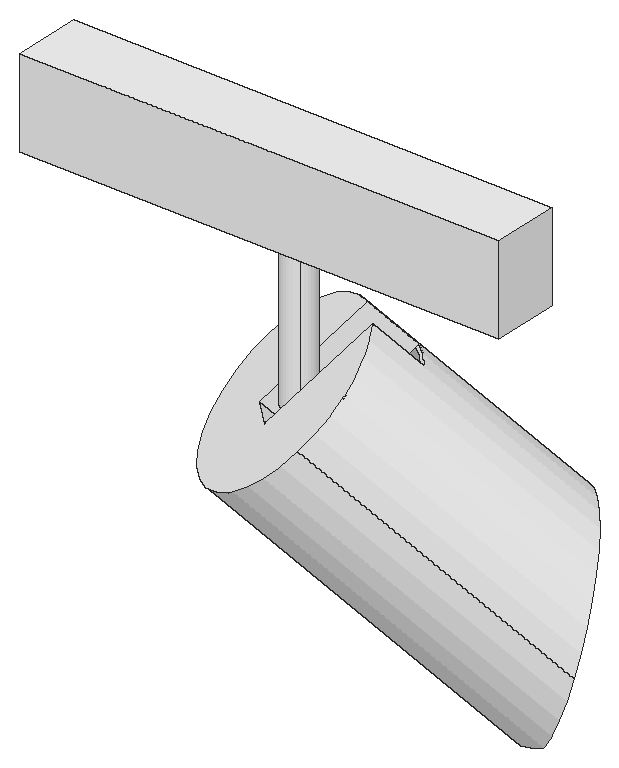
Revit family "C72", category Lighting Fixtures, host Ceiling, Revit 2018
Family settings
  Host = Ceiling
  Round Connector Dimension = Use Diameter
  Part Type = Normal
  OmniClass Number = 23.80.70.11
  OmniClass Title = Luminaries for Internal Lighting
  Always vertical = Yes
  Cut with Voids When Loaded = No
  Light Source = No
  Shared = No
  Room Calculation Point = No
Parameters (values of type "C72-L1800-9TC-277V-92-30-P")
  Wattage Comments = "277"
  Rotation XZ [instance] = 45.00°
  Rotation XY [instance] = 45.00°
  Lamp = ""
  FINISH = P-WHITE
  Constraint XZ [instance] = if(Rotation XZ < 0.00°, 0.00°, if(Rotation XZ > 90.00°, 90.00°, Rotation XZ))  # 45.00°
  Constraint XY [instance] = if(Rotation XY < 0.00°, 0.00°, if(Rotation XY > 340.00°, 340.00°, Rotation XY))  # 45.00°
  CRI = "92"
Types (10): name | Wattage Comments | Rotation XZ | Rotation XY | FINISH | Constraint XZ | Constraint XY
  (no name) | "277" | 45.00° | 45.00° | P-WHITE | 45.00° | 45.00°
  C72-L1800-9TC-120V-92-30-P | "120" | 0.00° | 45.00° | P-WHITE | 0.00° | 45.00°
  C72-L1800-9TC-120V-92-30-MB | "120" | 45.00° | 45.00° | MB-BLACK | 45.00° | 45.00°
  C72-L1800-9TC-120V-92-30-CP | "120" | 45.00° | 270.00° | CP-CUSTOM FINISH | 45.00° | 270.00°
  C72-L1800-9TC-240V-92-30-CP | "240" | 0.00° | 45.00° | CP-CUSTOM FINISH | 0.00° | 45.00°
  C72-L1800-9TC-277V-92-30-CP | "277" | 0.00° | 45.00° | CP-CUSTOM FINISH | 0.00° | 45.00°
  C72-L1800-9TC-240V-92-30-MB | "240" | 0.00° | 45.00° | MB-BLACK | 0.00° | 45.00°
  C72-L1800-9TC-277V-92-30-MB | "277" | 0.00° | 45.00° | MB-BLACK | 0.00° | 45.00°
  C72-L1800-9TC-240V-92-30-P | "240" | 0.00° | 45.00° | P-WHITE | 0.00° | 45.00°
  C72-L1800-9TC-277V-92-30-P | "277" | 45.00° | 45.00° | P-WHITE | 45.00° | 45.00°
Reference planes (in)
  plane 1 "Light Source Axis (F/B)": y = 0
  plane 2 "Ceiling": z = 96
  plane 3 "Light Source Axis (L/R)": x = 0
  plane 4 "Light Source Elevation": z = 96
Forms (in)
  Extrusion 1, solid, material "P-WHITE" <- "FINISH"
    sketch origin (0, 0, 0) x (1, 0, 0) y (0, 0, 1)
      loop
        line (-4.01307, 97.405) -> (-4.01307, 96) -> (3.60515, 96) -> (3.60515, 97.405) -> (-4.01307, 97.405)
    from -0.53711 to 0.53711
Lines and regions (in)
  reference lines
    curve 1: line (0, 0, 96) -> (3.18198, 3.18198, 96)
Dimensions and locks (in)
  equal spacing: host sketch curve, plane 3 "Light Source Axis (L/R)", host sketch curve
  equal spacing: host sketch curve, plane 1 "Light Source Axis (F/B)", host sketch curve
  host sketch curve to host sketch curve = 10' - 0"  (x2)
  "Constraint XY": angle plane 1 "Light Source Axis (F/B)" to curve 1
  aligned and locked: plane 3 "Light Source Axis (L/R)" to curve 1
  aligned and locked: plane 1 "Light Source Axis (F/B)" to curve 1
Automatic sketch dimensions
  Extrusion 1 sketch curve to plane 2 "Ceiling" = 0' - 0"
  Extrusion 1 sketch curve to plane 3 "Light Source Axis (L/R)" = 0' - 4.01307"
  plane 3 "Light Source Axis (L/R)" to Extrusion 1 sketch curve = 0' - 3.60515"
  plane 2 "Ceiling" to Extrusion 1 sketch curve = 0' - 1.405"
Nested families (in)
  nested 1: "STEM LAMP_C72" at (0, 0, 96) x (0.7071, -0.7071, 0) z (0, 0, -1), Rotation XZ <- "Constraint XZ", Material <- "FINISH", type "STEM LAMP_C72"
    with Width_02 0' - 0.7874", Rotation XZ 45.00°, Material P-WHITE, Constraint XZ 45.00°
  nested 2: "LAMP_C72" at (0.81238, 0.81238, 92.42695) x (0.7071, -0.7071, 0) z (0.5, 0.5, 0.7071), type "LAMP_C72"
    with Material P-WHITE
  nested 3: "C72 IES Data" at (1.85728, 1.85831, 90.9134) x (-0.7071, 0.7071, 0) z (-0.5, -0.5, 0.7071), type "C72 IES Data"
Definition of nested family "STEM LAMP_C72"
  Parameters (values of type "STEM LAMP_C71")
    Width_04 = 0' - 0.47244"
    Width_03 = 0' - 0.62992"
    Width_02 [instance] = 0' - 0.7874"
    Width_01 = 0' - 1.06299"
    Widht_02 = 0' - 0.90551"
    Rotation XZ [instance] = 45.00°
    Material [instance] = none
    Default Elevation = 4' - 0"
    Constraint XZ [instance] = if(Rotation XZ < 0.00°, 0.00°, if(Rotation XZ > 90.00°, 90.00°, Rotation XZ))  # 45.00°
  Reference planes (in)
    plane 1 "Center (Front/Back)": y = 0
    plane 2: z = 0
    plane 3 "Center (Left/Right)": x = 0
    plane 4: z = 0.09453
    plane 5: z = 2.42417
    plane 6: y = 0.5315
    plane 7: y = -0.5315
    plane 8: y = 0.49213
    plane 9: y = -0.41339
    plane 10: x = -0.31496
    plane 11: x = 0.31496
    plane 12: x = -0.23622
    plane 13: x = 0.23622
    plane 14 "LAMP_02": y = 0.1382
    plane 15 "LAMP": z = 2.44188
    plane 16: z = 2.42417
  Forms (in)
    Extrusion 1, solid
      sketch origin (0, 0, 0) x (1, 0, 0) y (0, 1, 0)
        loop
          line (-48, 48) -> (-48, -48) -> (48, -48) -> (48, 48) -> (-48, 48)
      from 0 to -12
    Extrusion 2, solid, material <- "Material"
      sketch origin (0, 0, 0) x (1, 0, 0) y (0, 1, 0)
        loop
          circle (0, 0) r 0.35433
      from 0 to 0.09453
    Extrusion 3, solid, material <- "Material"
      sketch origin (0, 0, 0) x (1, 0, 0) y (0, 1, 0)
        loop
          circle (0, 0) r 0.25
      from 0.09453 to 2.42417
  Lines and regions (in)
    reference lines
      curve 1: line (0, 0, 2.42417) -> (0, -19.79387, 22.21804)
  Dimensions and locks (in)
    plane 4 to plane 2 = 0' - 0.09453"
    plane 5 to Extrusion 1 = 0' - 2.42417"
    equal spacing: plane 6, plane 1 "Center (Front/Back)", plane 7
    "Width_01": plane 6 to plane 7
    equal spacing: plane 11, plane 3 "Center (Left/Right)", plane 10
    equal spacing: plane 13, plane 3 "Center (Left/Right)", plane 12
    "Width_03": plane 11 to plane 10
    "Width_04": plane 13 to plane 12
    "Widht_02": plane 8 to plane 9
    plane 6 to plane 8 = 0' - 0.03937"
    plane 15 "LAMP" to plane 5 to Extrusion 1 = 0' - 0.01772", 0' - 2.42417"
    "Constraint XZ": angle plane 15 "LAMP" to curve 1
    aligned and locked: plane 2 to Extrusion 1
    aligned and locked: level to Extrusion 1
    aligned and locked: Extrusion 2 to level
    aligned and locked: plane 4 to Extrusion 2
    aligned and locked: Extrusion 3 to plane 4
    aligned and locked: plane 5 to Extrusion 3
    aligned and locked: plane 16 to curve 1
    aligned and locked: plane 1 "Center (Front/Back)" to curve 1
  Automatic sketch dimensions
    Extrusion 1 sketch curve to Extrusion 1 sketch curve = 8' - 0"  (x2)
    plane 1 "Center (Front/Back)" to Extrusion 3 sketch curve = 0' - 0"
    Extrusion 3 sketch curve to plane 3 "Center (Left/Right)" = 0' - 0"
    plane 1 "Center (Front/Back)" to Extrusion 2 sketch curve = 0' - 0"
    Extrusion 2 sketch curve to plane 3 "Center (Left/Right)" = 0' - 0"
    radius of Extrusion 3 sketch curve = 0' - 0 1/4"
    radius of Extrusion 2 sketch curve = 0' - 0.35433"
  Nested families (in)
    nested 1: "LAMP_C72" at (0, -1.14888, 3.57305) x (1, 0, 0) z (0, -0.7071, -0.7071), Material <- "Material", type "LAMP_C72"
  Definition of nested family "LAMP_C72"
    Parameters (values of type "LAMP_C71")
      Width_01 = 0' - 3.14961"
      Material [instance] = none
      Default Elevation = 4' - 0"
    Reference planes (in)
      plane 1 "Center (Front/Back)": y = 0
      plane 2: z = 0
      plane 3 "Center (Left/Right)": x = 0
      plane 4: z = 3.00208
      plane 5: z = -3.88768
      plane 6: z = 1.53543
      plane 7: z = -1.53543
      plane 8: z = 0
      plane 9: z = 0
      plane 10: y = 5.18689
      plane 11: y = -1.70287
      plane 12 "Light Source": y = 5.305
      plane 13: y = -0.97504
    Forms (in)
      Extrusion 1, solid
        sketch origin (0, 0, 0) x (1, 0, 0) y (0, 1, 0)
          loop
            line (-48, 48) -> (-48, -48) -> (48, -48) -> (48, 48) -> (-48, 48)
        from 0 to -12
      Extrusion 2, void
        sketch origin (0, 0, -0.70866) x (0, -1, 0) y (1, 0, 0)
          loop
            line (0.97504, -0.27559) -> (3.04961, -0.27559) -> (3.04961, 0.27559) -> (0.97504, 0.27559) -> (0.97504, -0.27559)
        from 2.34295 to 0.31496
      Extrusion 3, solid, material <- "Material"
        sketch origin (0, 0.77744, -0.70866) x (1, 0, 0) y (0, 0, 1)
          loop
            circle (0, 0.70866) r 1.53543
        from -2.84252 to 2.65748
      Extrusion 4, void
        sketch origin (0, 0, 0) x (0, 1, 0) y (0, 0, 1)
          loop
            line (3.61996, -1.07011) -> (3.61996, 1.53543) -> (2.11565, 1.53543) -> (3.61996, -1.07011)
        from -5.28608 to 4.12085
      Extrusion 5, void
        sketch origin (0, 0, 0) x (1, 0, 0) y (0, 0, 1)
          loop
            circle (0, 0) r 1.48875
        from -3.61996 to 0.97504
      Extrusion 6, solid
        sketch origin (0, 0, 0) x (1, 0, 0) y (0, 0, 1)
          loop
            circle (0, 0) r 1.48875
        from -2.11565 to -1.97238
    Cuts and joins
      Extrusion 2, Extrusion 4, Extrusion 5 cuts Extrusion 3
    Dimensions and locks (in)
      plane 4 to Extrusion 1 = 0' - 3.00208"
      Extrusion 1 to plane 5 = 0' - 3.88768"
      Extrusion 2 to Extrusion 2 = 0' - 0.55118"
      equal spacing: plane 6, plane 8, plane 7
      plane 6 to plane 7 = 0' - 3.07087"
      plane 9 to plane 7 = 0' - 1.53543"
      plane 10 to plane 1 "Center (Front/Back)" to plane 11 = 0' - 5.18689" locked, 0' - 1.70287" locked
      aligned and locked: plane 2 to Extrusion 1
      aligned and locked: level to Extrusion 1
Definition of nested family "LAMP_C72"
  Parameters (values of type "LAMP_C71")
    Width_01 = 0' - 3.14961"
    Material [instance] = none
    Default Elevation = 4' - 0"
  Reference planes (in)
    plane 1 "Center (Front/Back)": y = 0
    plane 2: z = 0
    plane 3 "Center (Left/Right)": x = 0
    plane 4: z = 3.00208
    plane 5: z = -3.88768
    plane 6: z = 1.53543
    plane 7: z = -1.53543
    plane 8: z = 0
    plane 9: z = 0
    plane 10: y = 5.18689
    plane 11: y = -1.70287
    plane 12 "Light Source": y = 5.305
    plane 13: y = -0.97504
  Forms (in)
    Extrusion 1, solid
      sketch origin (0, 0, 0) x (1, 0, 0) y (0, 1, 0)
        loop
          line (-48, 48) -> (-48, -48) -> (48, -48) -> (48, 48) -> (-48, 48)
      from 0 to -12
    Extrusion 2, void
      sketch origin (0, 0, -0.70866) x (0, -1, 0) y (1, 0, 0)
        loop
          line (0.97504, -0.27559) -> (3.04961, -0.27559) -> (3.04961, 0.27559) -> (0.97504, 0.27559) -> (0.97504, -0.27559)
      from 2.34295 to 0.31496
    Extrusion 3, solid, material <- "Material"
      sketch origin (0, 0.77744, -0.70866) x (1, 0, 0) y (0, 0, 1)
        loop
          circle (0, 0.70866) r 1.53543
      from -2.84252 to 2.65748
    Extrusion 4, void
      sketch origin (0, 0, 0) x (0, 1, 0) y (0, 0, 1)
        loop
          line (3.61996, -1.07011) -> (3.61996, 1.53543) -> (2.11565, 1.53543) -> (3.61996, -1.07011)
      from -5.28608 to 4.12085
    Extrusion 5, void
      sketch origin (0, 0, 0) x (1, 0, 0) y (0, 0, 1)
        loop
          circle (0, 0) r 1.48875
      from -3.61996 to 0.97504
    Extrusion 6, solid
      sketch origin (0, 0, 0) x (1, 0, 0) y (0, 0, 1)
        loop
          circle (0, 0) r 1.48875
      from -2.11565 to -1.97238
  Cuts and joins
    Extrusion 2, Extrusion 4, Extrusion 5 cuts Extrusion 3
  Dimensions and locks (in)
    plane 4 to Extrusion 1 = 0' - 3.00208"
    Extrusion 1 to plane 5 = 0' - 3.88768"
    Extrusion 2 to Extrusion 2 = 0' - 0.55118"
    equal spacing: plane 6, plane 8, plane 7
    plane 6 to plane 7 = 0' - 3.07087"
    plane 9 to plane 7 = 0' - 1.53543"
    plane 10 to plane 1 "Center (Front/Back)" to plane 11 = 0' - 5.18689" locked, 0' - 1.70287" locked
    aligned and locked: plane 2 to Extrusion 1
    aligned and locked: level to Extrusion 1
Definition of nested family "C72 IES Data"
  Parameters (values of type "C71_IES")
    Wattage = 30.5556 W
    built-in parameter 1150110 = 1 (stored number, unit not read)
    built-in parameter 1114217 = 1 (stored number, unit not read)
    Tilt Angle = 90.00°
    built-in parameter 1150109 = 1 (stored number, unit not read)
    built-in parameter 1150134 = (empty or 0)
    built-in parameter 1150113 = 1 (stored number, unit not read)
    built-in parameter 1010507 = 1.5708 (stored number, unit not read)
    built-in parameter 1010506 = 0.5236 (stored number, unit not read)
    Model = ""
    Manufacturer = ""
    built-in parameter 1150105 = 10030.7 (stored number, unit not read)
    Lumens = 3000 lm
    built-in parameter 1150115 = 1 (stored number, unit not read)
    Light Source Symbol Length = 10' - 0"
    built-in parameter 1150137 = (empty or 0)
    built-in parameter 1150139 = (empty or 0)
    built-in parameter 1150112 = 1 (stored number, unit not read)
    built-in parameter 1150114 = 1 (stored number, unit not read)
    Lamp = ""
    built-in parameter 1150132 = 2
    built-in parameter 1150102 = (empty or 0)
    built-in parameter 1150107 = 3000 (stored number, unit not read)
    built-in parameter 1150138 = (empty or 0)
    built-in parameter 1150106 = 100.31 (stored number, unit not read)
    Emit from Circle Diameter = 0' - 2.95276"
    Emit Shape Visible in Rendering = no
    built-in parameter 1150104 = 9.1214 (stored number, unit not read)
    Dimming Lamp Color Temperature Shift = (empty or 0)
    Description = ""
    Default Elevation = 0' - 0"
    Content Creator = ""
    Color Filter = 16777215
    built-in parameter 1114218 = 1 (stored number, unit not read)
    built-in parameter 1150133 = 10 (stored number, unit not read)
    Apparent Load = 27.5 VA
  Reference planes (in)
    plane 1 "Center (Front/Back)": y = 0
    plane 2: z = 0
    plane 3 "Center (Left/Right)": x = 0
  Forms (in)
    Extrusion 1, solid
      sketch origin (0, 0, 0) x (1, 0, 0) y (0, 1, 0)
        loop
          line (-48, 48) -> (-48, -48) -> (48, -48) -> (48, 48) -> (-48, 48)
      from 0 to 4.87962
  Dimensions and locks (in)
    aligned and locked: plane 2 to Extrusion 1
    aligned and locked: level to Extrusion 1
